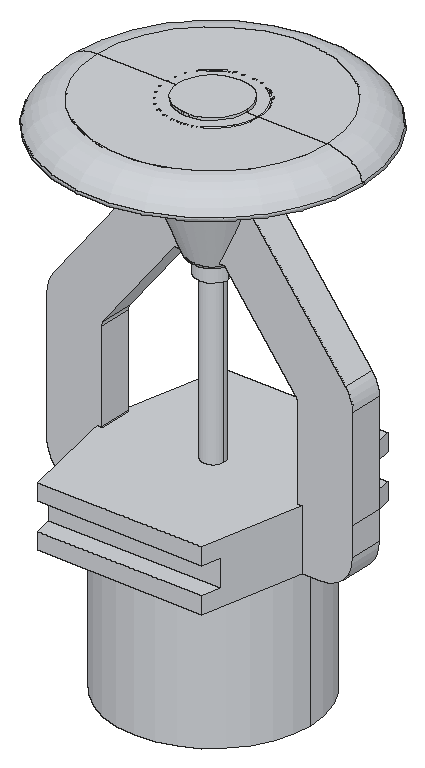
Revit family
Parameters (values of type "RASCO J112 UPRIGHT")
  Temperature Rating = 200 °F
  Response = 1
  RASCO SIN # = "RA7326"
  RASCO Part # = "J112U2B"
  Pressure Rating = "175 PSI"
  Pressure Class = (empty or 0)
  Orifice Size = 3/4"
  Orifice = (empty or 0)
  Model = "J112"
  Manufacturer = "RASCO"
  K-Factor = 11.2
  Description = "BRONZE FINISH"
  Coverage = (empty or 0)
Reference planes (in)
  plane 1 "Center (Front/Back)": y = 0
  plane 2: z = 0
  plane 3 "Center (Left/Right)": x = 0
Nested families (in)
  nested 1: "J112U2B" at (0, 0, 0), type "RASCO J112 UPRIGHT"
Connectors (in)
  piping at (0, 0, 0)
    settings: on nested 1, index 1, connector radius 1/2", flow factor 0, pipe flow 0 GPM, pressure drop 0.00 psi, fitting loss kfactor 0, connector angle 0.00°, fixture units 0, flow configuration 0, flow direction 0, fitting loss method 0, system type 7, connector reference index -1, connector utility 0, adjustable connector no, is connector primary yes, fitting loss table "", connector description ""
Definition of nested family "J112U2B"
  Parameters (values of type "RASCO J112 UPRIGHT")
    Type Comments = ""
    Temperature Rating = 0 °F
    Response = (empty or 0)
    Pressure Rating = "0"
    Pressure Class = (empty or 0)
    Orifice Size = 0"
    Orifice = (empty or 0)
    Model = ""
    Manufacturer = ""
    K-Factor = 0
    Description = ""
    Coverage = (empty or 0)
    Assembly Code = ""
  Reference planes (in)
    plane 1 "Center (Front/Back)": y = 0
    plane 2: z = 0
    plane 3 "REF.1": z = 0.773
    plane 4 "top": z = 2.8125
    plane 5: x = -0.81624
    plane 6: x = 0.81332
    plane 7 "ref.2": z = 2.098
    plane 8 "head": z = 2.6725
    plane 9 "left/right center": x = 0
    plane 10 "screw": z = 1.98251
    plane 11 "bulb": z = 1.098
  Forms (in)
    Extrusion 1, solid
      sketch origin (0, 0, 0) x (1, 0, 0) y (0, 1, 0)
        loop
          circle (0, 0) r 0.5221
      from 0 to 0.773
    Extrusion 2, solid
      sketch origin (0, 0, 0.773) x (-1, 0, 0) y (0, -1, 0)
        loop
          line (-0.43619, -0.62052) -> (0.4375, -0.62052) -> (0.56391, 0) -> (0.4375, 0.62052) -> (-0.43619, 0.62052) -> (-0.56259, 0) -> (-0.43619, -0.62052)
      from 0 to 0.325
    Extrusion 3, void
      sketch origin (0, 0, 0) x (1, 0, 0) y (0, 0, 1)
        loop
          line (-0.56391, 1.00774) -> (-0.56391, 0.86298) -> (0.56259, 0.86298) -> (0.56259, 1.00774) -> (-0.56391, 1.00774)
      from 0.52148 to 0.62052
    Extrusion 4, solid
      sketch origin (0, 0, 0) x (1, 0, 0) y (0, 0, 1)
        loop
          line (-0.5221, 0.773) -> (-0.5221, 1.098) -> (-0.5221, 1.58091)
          arc (-0.5221, 1.58091) -> (-0.5194, 1.59708) -> (-0.51161, 1.61149) r 0.04979
          line (-0.51161, 1.61149) -> (-0.13316, 2.098) -> (-0.00066, 2.098) -> (0.13184, 2.098) -> (0.5115, 1.61158)
          arc (0.5115, 1.61158) -> (0.51938, 1.59706) -> (0.5221, 1.58077) r 0.05007
          line (0.5221, 1.58077) -> (0.5221, 1.098) -> (0.5221, 0.773) -> (0.64763, 0.773)
          arc (0.64763, 0.773) -> (0.76676, 0.82234) -> (0.8161, 0.94147) r 0.16847
          line (0.8161, 0.94147) -> (0.8161, 1.098) -> (0.8161, 1.63725)
          arc (0.8161, 1.63725) -> (0.80631, 1.69579) -> (0.77801, 1.74796) r 0.17993
          line (0.77801, 1.74796) -> (0.18552, 2.50706) -> (-0.18743, 2.50706) -> (-0.77818, 1.74764)
          arc (-0.77818, 1.74764) -> (-0.80636, 1.69554) -> (-0.8161, 1.63712) r 0.18
          line (-0.8161, 1.63712) -> (-0.8161, 1.098) -> (-0.8161, 0.94094)
          arc (-0.8161, 0.94094) -> (-0.76691, 0.82219) -> (-0.64816, 0.773) r 0.16794
          line (-0.64816, 0.773) -> (-0.5221, 0.773)
      from -0.08649 to 0.08732
    Extrusion 5, void
      sketch origin (0.00728, 1.142, 0) x (1, 0, 0) y (0, 0, 1)
        loop
          line (-0.56391, 1.00774) -> (-0.56391, 0.86298) -> (0.56259, 0.86298) -> (0.56259, 1.00774) -> (-0.56391, 1.00774)
      from 0.52148 to 0.62052
    Revolve 6, solid
      sketch origin (0, 0, 0) x (1, 0, 0) y (0, 0, 1)
        loop
          line (-0.00066, 2.8125) -> (-0.24139, 2.8125)
          arc (-0.24139, 2.8125) -> (-0.25522, 2.80677) -> (-0.26095, 2.79293) r 0.01957
          line (-0.26095, 2.79293) -> (-0.26095, 2.42899)
          arc (-0.26095, 2.42899) -> (-0.25939, 2.41285) -> (-0.25476, 2.3973) r 0.08419
          line (-0.25476, 2.3973) -> (-0.12582, 2.07995)
          arc (-0.12582, 2.07995) -> (-0.11591, 2.06775) -> (-0.10088, 2.06316) r 0.02692
          line (-0.10088, 2.06316) -> (-0.00066, 2.06316) -> (-0.00066, 2.8125)
        axis (-0.00066, 2.8125) -> (-0.00066, 2.06316)
      angle from 0 to 360
    Revolve 7, solid
      sketch origin (0, 0, 0) x (1, 0, 0) y (0, 0, 1)
        loop
          line (-0.00095, 2.8125) -> (-0.61569, 2.8125)
          arc (-0.61569, 2.8125) -> (-0.72648, 2.78068) -> (-0.8035, 2.69491) r 0.20878
          arc (-0.8035, 2.69491) -> (-0.8027, 2.68003) -> (-0.78967, 2.67281) r 0.01538
          line (-0.78967, 2.67281) -> (-0.00095, 2.67281) -> (-0.00095, 2.8125)
        axis (-0.00095, 2.8125) -> (-0.00095, 2.67281)
      angle from 0 to 360
    Extrusion 8, solid
      sketch origin (0, 0, 2.8125) x (-1, 0, 0) y (0, -1, 0)
        loop
          circle (0.00095, 0) r 0.18173
      from 0 to 0.01153
    Extrusion 9, solid
      sketch origin (0, 0, 1.98251) x (-1, 0, 0) y (0, -1, 0)
        loop
          circle (0, 0) r 0.087
      from 0 to 0.0806
    Extrusion 10, solid
      sketch origin (0, 0, 1.098) x (-1, 0, 0) y (0, -1, 0)
        loop
          circle (0, 0) r 0.05954
      from 0 to 0.88451
  Cuts and joins
    Extrusion 3, Extrusion 5 cuts Extrusion 2
  Dimensions and locks (in)
    plane 4 "top" to level = 0' - 2 13/16"
